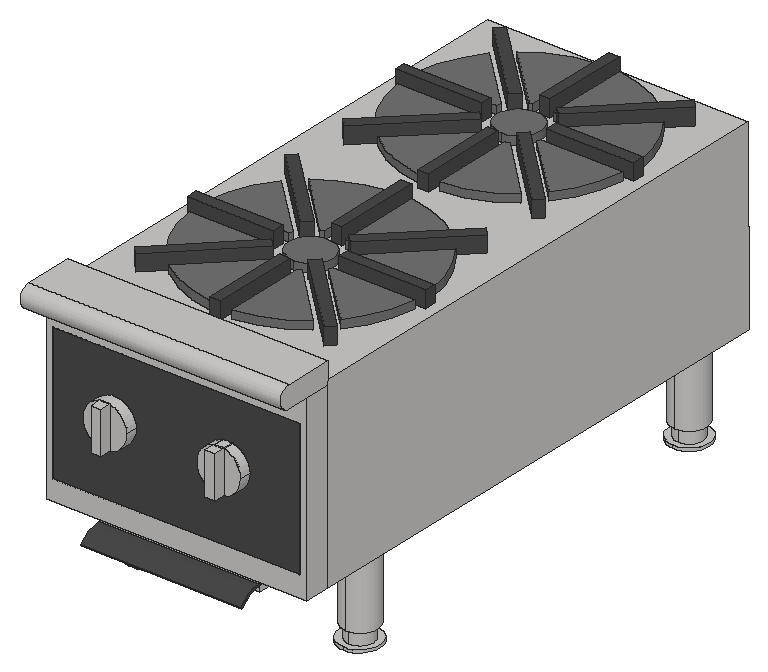
Revit family "QF_Vollrath_40736", category Specialty Equipment, Revit 2016
Family settings
  Part Type = Normal
  Round Connector Dimension = Use Diameter
  OmniClass Number = 23.40.40.14.17.14
  OmniClass Title = Hot Plates
  Work Plane-Based = No
  Always vertical = Yes
  Cut with Voids When Loaded = No
  Shared = No
  Room Calculation Point = No
Parameters (values of type "40736")
  Width = 1' - 0"
  Weight in Pounds = 96
  Watermarked By = "http://revitwatermark.com"
  URL Cutsheet = ""
  URL = ""
  Status [instance] = ""
  Specification by User [instance] = ""
  Specification by Manufacturer [instance] = ""
  Serial Number [instance] = ""
  Seismic Rating [instance] = ""
  Revision Code [instance] = ""
  NAFEM Spec ID Number [instance] = ""
  Model = "40736"
  Mechanical Remarks [instance] = ""
  Mechanical Connection Type [instance] = ""
  Masterspec [instance] = ""
  Manufacturer = "Vollrath"
  Length = 2' - 3"
  Item Number [instance] = "-"
  Installed By [instance] = ""
  Height AFF [instance] = 3' - 0"
  Gas Size = 3/4"
  Gas RI Height [instance] = 0' - 0"
  Gas Input = 52000.0 Btu/h
  Gas Connection Height [instance] = Height AFF + 0' 5 3/8"  # 3' - 5 3/8"
  Furnished By [instance] = ""
  Foodservice Equipment Identifier [instance] = yes
  Description = "Gas Hot Plate"
  CSI MasterFormat = "11 44 00"
  Assembly Code = "E1090320"
Reference planes (in)
  plane 1: z = 0
  plane 2 "BOTTOM": z = 36
  plane 3 "TOP": z = 49.375
  plane 4 "LEFT CLEARANCE": x = -30.72076
  plane 5 "RIGHT CLEARANCE": x = -6.72076
  plane 6 "BACK CLEARANCE": y = 6
  plane 7 "FRONT": y = -27
  plane 8 "Top of Legs": z = 40
  plane 9 "LEFT": x = -24.72076
  plane 10 "RIGHT": x = -12.72076
  plane 11 "BACK": y = 0
  plane 12: x = -22.40972
  plane 13: x = -18.72076
  plane 14: x = -15.03179
  plane 15: x = -13.21833
  plane 16: x = -24.21833
  plane 17: y = -12.23672
  plane 18: y = -23.23672
  plane 19: through (-14.39494, -22.41367, 58.60222) normal (-0.7071, 0.7071, 0)
  plane 20: through (-23.04173, -22.41367, 58.60222) normal (-0.7071, -0.7071, 0)
  plane 21: through (-23.04173, -13.05978, 58.60222) normal (0.7071, -0.7071, 0)
  plane 22: through (-14.39494, -13.05978, 58.60222) normal (0.7071, 0.7071, 0)
  plane 23: x = -13.21833
  plane 24: x = -24.21833
  plane 25: y = -0.23672
  plane 26: y = -11.23672
  plane 27: through (-14.39494, -10.41367, 59) normal (-0.7071, 0.7071, 0)
  plane 28: through (-23.04173, -10.41367, 59) normal (-0.7071, -0.7071, 0)
  plane 29: through (-23.04173, -1.05978, 59) normal (0.7071, -0.7071, 0)
  plane 30: through (-14.39494, -1.05978, 59) normal (0.7071, 0.7071, 0)
  plane 31: z = 48.60222
  plane 32: z = 47.97037
  plane 33: z = 48.97722
  plane 34: z = 40.93886
  plane 35: z = 47.22037
Forms (in)
  Extrusion 1, solid, material "QF_Finishes_Stainless Steel"
    sketch origin (0, 0, 36) x (0, 1, 0) y (-1, 0, 0)
      loop
        circle (-2, 23.59576) r 0.9375
    from 0 to 0.125
  Extrusion 2, solid, material "QF_Finishes_Stainless Steel"
    sketch origin (0, 0, 36) x (0, 1, 0) y (-1, 0, 0)
      loop
        circle (-2, 23.59576) r 0.625
    from 0.125 to 0.75
  Extrusion 3, solid, material "QF_Finishes_Stainless Steel"
    sketch origin (0, 0, 36) x (0, 1, 0) y (-1, 0, 0)
      loop
        circle (-2, 23.59576) r 0.8125
    from 0.75 to 4
  Extrusion 4, solid, material "QF_Finishes_Stainless Steel"
    sketch origin (21.375, 0, 36) x (0, 1, 0) y (-1, 0, 0)
      loop
        circle (-2, 35.22076) r 0.9375
    from 0 to 0.125
  Extrusion 5, solid, material "QF_Finishes_Stainless Steel"
    sketch origin (21.375, 0, 36) x (0, 1, 0) y (-1, 0, 0)
      loop
        circle (-2, 35.22076) r 0.625
    from 0.125 to 0.75
  Extrusion 6, solid, material "QF_Finishes_Stainless Steel"
    sketch origin (21.375, 0, 36) x (0, 1, 0) y (-1, 0, 0)
      loop
        circle (-2, 35.22076) r 0.8125
    from 0.75 to 4
  Extrusion 7, solid, material "QF_Finishes_Stainless Steel"
    sketch origin (21.375, -24, 36) x (0, 1, 0) y (-1, 0, 0)
      loop
        circle (3, 35.22076) r 0.9375
    from 0 to 0.125
  Extrusion 8, solid, material "QF_Finishes_Stainless Steel"
    sketch origin (21.375, -24, 36) x (0, 1, 0) y (-1, 0, 0)
      loop
        circle (3, 35.22076) r 0.625
    from 0.125 to 0.75
  Extrusion 9, solid, material "QF_Finishes_Stainless Steel"
    sketch origin (21.375, -24, 36) x (0, 1, 0) y (-1, 0, 0)
      loop
        circle (3, 35.22076) r 0.8125
    from 0.75 to 4
  Extrusion 10, solid, material "QF_Finishes_Stainless Steel"
    sketch origin (0, -24, 36) x (0, 1, 0) y (-1, 0, 0)
      loop
        circle (3, 23.59576) r 0.9375
    from 0 to 0.125
  Extrusion 11, solid, material "QF_Finishes_Stainless Steel"
    sketch origin (0, -24, 36) x (0, 1, 0) y (-1, 0, 0)
      loop
        circle (3, 23.59576) r 0.625
    from 0.125 to 0.75
  Extrusion 12, solid, material "QF_Finishes_Stainless Steel"
    sketch origin (0, -24, 36) x (0, 1, 0) y (-1, 0, 0)
      loop
        circle (3, 23.59576) r 0.8125
    from 0.75 to 4
  Extrusion 13, solid, material "QF_Finishes_Black"
    sketch origin (-117.18708, 53.88828, 45.85222) x (0, 1, 0) y (-1, 0, 0)
      loop
        line (-77.125, -98.71875) -> (-73.125, -98.71875) -> (-73.125, -98.21875) -> (-77.125, -98.21875) -> (-77.125, -98.71875)
      loop
        line (-66.125, -98.71875) -> (-66.125, -98.21875) -> (-70.125, -98.21875) -> (-70.125, -98.71875) -> (-66.125, -98.71875)
      loop
        line (-71.375, -92.96875) -> (-71.875, -92.96875) -> (-71.875, -96.96875) -> (-71.375, -96.96875) -> (-71.375, -92.96875)
      loop
        line (-70.44823, -97.64554) -> (-66.94805, -94.14536) -> (-67.30161, -93.7918) -> (-70.80179, -97.29198) -> (-70.44823, -97.64554)
      loop
        line (-72.80177, -97.64554) -> (-72.44821, -97.29198) -> (-75.94839, -93.7918) -> (-76.30195, -94.14536) -> (-72.80177, -97.64554)
      loop
        line (-72.80177, -99.29196) -> (-76.30195, -102.79214) -> (-75.94839, -103.1457) -> (-72.44821, -99.64552) -> (-72.80177, -99.29196)
      loop
        line (-70.44823, -99.29196) -> (-70.80179, -99.64552) -> (-67.30161, -103.1457) -> (-66.94805, -102.79214) -> (-70.44823, -99.29196)
      loop
        line (-71.375, -103.96875) -> (-71.375, -99.96875) -> (-71.875, -99.96875) -> (-71.875, -103.96875) -> (-71.375, -103.96875)
    from 2.75 to 3.52278
  Extrusion 14, solid, material "QF_Finishes_Dark Grey"
    sketch origin (-117.18708, 53.88828, 46.25) x (0, 1, 0) y (-1, 0, 0)
      loop
        circle (-71.625, -98.46875) r 1
      loop
        arc (-70.2108, -98.96875) -> (-70.23919, -99.04277) -> (-70.27146, -99.11519) r 1.49999
        line (-70.27146, -99.11519) -> (-67.60333, -101.78331)
        arc (-67.60333, -101.78331) -> (-66.81016, -100.46312) -> (-66.4375, -98.96875) r 5.21154
        line (-66.4375, -98.96875) -> (-70.2108, -98.96875)
      loop
        line (-70.2108, -97.96875) -> (-66.4375, -97.96875)
        arc (-66.4375, -97.96875) -> (-66.81016, -96.47438) -> (-67.60333, -95.15419) r 5.21154
        line (-67.60333, -95.15419) -> (-70.27146, -97.82231)
        arc (-70.27146, -97.82231) -> (-70.23919, -97.89473) -> (-70.2108, -97.96875) r 1.49999
      loop
        arc (-71.125, -97.05455) -> (-71.05098, -97.08294) -> (-70.97856, -97.11521) r 1.49999
        line (-70.97856, -97.11521) -> (-68.31044, -94.44708)
        arc (-68.31044, -94.44708) -> (-69.63063, -93.65391) -> (-71.125, -93.28125) r 5.21154
        line (-71.125, -93.28125) -> (-71.125, -97.05455)
      loop
        arc (-72.125, -93.28125) -> (-73.61937, -93.65391) -> (-74.93956, -94.44708) r 5.21154
        line (-74.93956, -94.44708) -> (-72.27144, -97.11521)
        arc (-72.27144, -97.11521) -> (-72.19902, -97.08294) -> (-72.125, -97.05455) r 1.49999
        line (-72.125, -97.05455) -> (-72.125, -93.28125)
      loop
        arc (-75.64667, -95.15419) -> (-76.43984, -96.47438) -> (-76.8125, -97.96875) r 5.21154
        line (-76.8125, -97.96875) -> (-73.0392, -97.96875)
        arc (-73.0392, -97.96875) -> (-73.01081, -97.89473) -> (-72.97854, -97.82231) r 1.49999
        line (-72.97854, -97.82231) -> (-75.64667, -95.15419)
      loop
        arc (-76.8125, -98.96875) -> (-76.43984, -100.46312) -> (-75.64667, -101.78331) r 5.21154
        line (-75.64667, -101.78331) -> (-72.97854, -99.11519)
        arc (-72.97854, -99.11519) -> (-73.01081, -99.04277) -> (-73.0392, -98.96875) r 1.49999
        line (-73.0392, -98.96875) -> (-76.8125, -98.96875)
      loop
        arc (-74.93956, -102.49042) -> (-73.61937, -103.28359) -> (-72.125, -103.65625) r 5.21154
        line (-72.125, -103.65625) -> (-72.125, -99.88295)
        arc (-72.125, -99.88295) -> (-72.19902, -99.85456) -> (-72.27144, -99.82229) r 1.49999
        line (-72.27144, -99.82229) -> (-74.93956, -102.49042)
      loop
        arc (-71.125, -103.65625) -> (-69.63063, -103.28359) -> (-68.31044, -102.49042) r 5.21154
        line (-68.31044, -102.49042) -> (-70.97856, -99.82229)
        arc (-70.97856, -99.82229) -> (-71.05098, -99.85456) -> (-71.125, -99.88295) r 1.49999
        line (-71.125, -99.88295) -> (-71.125, -103.65625)
    from 2.35222 to 2.72722
  Extrusion 15, solid, material "QF_Finishes_Black"
    sketch origin (-117.18708, 65.88828, 46.25) x (0, 1, 0) y (-1, 0, 0)
      loop
        line (-77.125, -98.71875) -> (-73.125, -98.71875) -> (-73.125, -98.21875) -> (-77.125, -98.21875) -> (-77.125, -98.71875)
      loop
        line (-66.125, -98.71875) -> (-66.125, -98.21875) -> (-70.125, -98.21875) -> (-70.125, -98.71875) -> (-66.125, -98.71875)
      loop
        line (-71.375, -92.96875) -> (-71.875, -92.96875) -> (-71.875, -96.96875) -> (-71.375, -96.96875) -> (-71.375, -92.96875)
      loop
        line (-70.44823, -97.64554) -> (-66.94805, -94.14536) -> (-67.30161, -93.7918) -> (-70.80179, -97.29198) -> (-70.44823, -97.64554)
      loop
        line (-72.80177, -97.64554) -> (-72.44821, -97.29198) -> (-75.94839, -93.7918) -> (-76.30195, -94.14536) -> (-72.80177, -97.64554)
      loop
        line (-72.80177, -99.29196) -> (-76.30195, -102.79214) -> (-75.94839, -103.1457) -> (-72.44821, -99.64552) -> (-72.80177, -99.29196)
      loop
        line (-70.44823, -99.29196) -> (-70.80179, -99.64552) -> (-67.30161, -103.1457) -> (-66.94805, -102.79214) -> (-70.44823, -99.29196)
      loop
        line (-71.375, -103.96875) -> (-71.375, -99.96875) -> (-71.875, -99.96875) -> (-71.875, -103.96875) -> (-71.375, -103.96875)
    from 2.35222 to 3.125
  Extrusion 16, solid, material "QF_Finishes_Dark Grey"
    sketch origin (-117.18708, 65.88828, 46.25) x (0, 1, 0) y (-1, 0, 0)
      loop
        circle (-71.625, -98.46875) r 1
      loop
        arc (-70.2108, -98.96875) -> (-70.23919, -99.04277) -> (-70.27146, -99.11519) r 1.49999
        line (-70.27146, -99.11519) -> (-67.60333, -101.78331)
        arc (-67.60333, -101.78331) -> (-66.81016, -100.46312) -> (-66.4375, -98.96875) r 5.21154
        line (-66.4375, -98.96875) -> (-70.2108, -98.96875)
      loop
        line (-70.2108, -97.96875) -> (-66.4375, -97.96875)
        arc (-66.4375, -97.96875) -> (-66.81016, -96.47438) -> (-67.60333, -95.15419) r 5.21154
        line (-67.60333, -95.15419) -> (-70.27146, -97.82231)
        arc (-70.27146, -97.82231) -> (-70.23919, -97.89473) -> (-70.2108, -97.96875) r 1.49999
      loop
        arc (-71.125, -97.05455) -> (-71.05098, -97.08294) -> (-70.97856, -97.11521) r 1.49999
        line (-70.97856, -97.11521) -> (-68.31044, -94.44708)
        arc (-68.31044, -94.44708) -> (-69.63063, -93.65391) -> (-71.125, -93.28125) r 5.21154
        line (-71.125, -93.28125) -> (-71.125, -97.05455)
      loop
        arc (-72.125, -93.28125) -> (-73.61937, -93.65391) -> (-74.93956, -94.44708) r 5.21154
        line (-74.93956, -94.44708) -> (-72.27144, -97.11521)
        arc (-72.27144, -97.11521) -> (-72.19902, -97.08294) -> (-72.125, -97.05455) r 1.49999
        line (-72.125, -97.05455) -> (-72.125, -93.28125)
      loop
        arc (-75.64667, -95.15419) -> (-76.43984, -96.47438) -> (-76.8125, -97.96875) r 5.21154
        line (-76.8125, -97.96875) -> (-73.0392, -97.96875)
        arc (-73.0392, -97.96875) -> (-73.01081, -97.89473) -> (-72.97854, -97.82231) r 1.49999
        line (-72.97854, -97.82231) -> (-75.64667, -95.15419)
      loop
        arc (-76.8125, -98.96875) -> (-76.43984, -100.46312) -> (-75.64667, -101.78331) r 5.21154
        line (-75.64667, -101.78331) -> (-72.97854, -99.11519)
        arc (-72.97854, -99.11519) -> (-73.01081, -99.04277) -> (-73.0392, -98.96875) r 1.49999
        line (-73.0392, -98.96875) -> (-76.8125, -98.96875)
      loop
        arc (-74.93956, -102.49042) -> (-73.61937, -103.28359) -> (-72.125, -103.65625) r 5.21154
        line (-72.125, -103.65625) -> (-72.125, -99.88295)
        arc (-72.125, -99.88295) -> (-72.19902, -99.85456) -> (-72.27144, -99.82229) r 1.49999
        line (-72.27144, -99.82229) -> (-74.93956, -102.49042)
      loop
        arc (-71.125, -103.65625) -> (-69.63063, -103.28359) -> (-68.31044, -102.49042) r 5.21154
        line (-68.31044, -102.49042) -> (-70.97856, -99.82229)
        arc (-70.97856, -99.82229) -> (-71.05098, -99.85456) -> (-71.125, -99.88295) r 1.49999
        line (-71.125, -99.88295) -> (-71.125, -103.65625)
    from 2.72722 to 2.35222
  Extrusion 17, solid, material "QF_Finishes_Clearances", detail levels coarse
    sketch origin (0, 0, 36) x (0, 1, 0) y (-1, 0, 0)
      loop
        line (6, 30.72076) -> (-27, 30.72076) -> (-27, 24.72076) -> (6, 24.72076) -> (6, 30.72076)
    from 0 to 13.375
  Extrusion 18, solid, material "QF_Finishes_Clearances", detail levels coarse
    sketch origin (0, 0, 36) x (0, 1, 0) y (-1, 0, 0)
      loop
        line (6, 12.72076) -> (-27, 12.72076) -> (-27, 6.72076) -> (6, 6.72076) -> (6, 12.72076)
    from 0 to 13.375
  Extrusion 19, solid, material "QF_Finishes_Clearances", detail levels coarse
    sketch origin (0, 0, 36) x (0, 1, 0) y (-1, 0, 0)
      loop
        line (6, 24.72076) -> (0, 24.72076) -> (0, 12.72076) -> (6, 12.72076) -> (6, 24.72076)
    from 0 to 13.375
  Extrusion 20, solid, material "QF_Finishes_Stainless Steel"
    sketch origin (0, 0, 0) x (1, 0, 0) y (0, 0, 1)
      loop
        circle (-15.03179, 41.5) r 0.375
    from -0.37026 to 0
  Extrusion 21, solid, material "QF_Finishes_Stainless Steel"
    sketch origin (-24.72076, 0, 0) x (0, 1, 0) y (0, 0, 1)
      loop
        line (0, 48.60222) -> (-24.25, 48.60222) -> (-24.25, 40) -> (0, 40) -> (0, 48.60222)
    from 0 to 12
  Extrusion 22, solid, material "QF_Finishes_Stainless Steel"
    sketch origin (-24.72076, 0, 0.11708) x (0, 1, 0) y (0, 0, 1)
      loop
        line (-24.25, 48.24472) -> (-24.25, 49.24469) -> (-26.47435, 49.24469)
        arc (-26.47435, 49.24469) -> (-26.99205, 48.75368) -> (-26.49199, 48.24472) r 0.50014
        line (-26.49199, 48.24472) -> (-24.25, 48.24472)
    from 0 to 12
  Extrusion 23, solid, material "QF_Finishes_Black"
    sketch origin (0, 0, 0) x (1, 0, 0) y (0, 0, 1)
      loop
        line (-24.40582, 40.93886) -> (-13.04501, 40.93886) -> (-13.04501, 47.22037) -> (-24.40582, 47.22037) -> (-24.40582, 40.93886)
      loop
        circle (-21.59244, 44.33701) r 1
      loop
        circle (-16.34244, 44.33701) r 1
    from 24.25 to 25.48672
  Extrusion 24, solid, material "QF_Finishes_Stainless Steel"
    sketch origin (0, 0, 0) x (1, 0, 0) y (0, 0, 1)
      loop
        line (-24.72076, 48.36181) -> (-24.72076, 40) -> (-12.72076, 40) -> (-12.72076, 48.36181) -> (-24.72076, 48.36181)
      loop
        line (-24.40582, 47.22037) -> (-24.40582, 40.93886) -> (-13.04501, 40.93886) -> (-13.04501, 47.22037) -> (-24.40582, 47.22037)
    from 24.25 to 25.48672
  Extrusion 25, solid, material "QF_Finishes_Stainless Steel"
    sketch origin (0, 0, 0) x (1, 0, 0) y (0, 0, 1)
      loop
        circle (-21.59244, 44.33701) r 1
      loop
        circle (-16.34244, 44.33701) r 1
    from 25.48672 to 26
  Extrusion 26, solid, material "QF_Finishes_Stainless Steel"
    sketch origin (0, 0, 0) x (1, 0, 0) y (0, 0, 1)
      loop
        line (-21.83599, 45.3069) -> (-21.83599, 43.35903) -> (-21.38371, 43.35903) -> (-21.38371, 45.3069) -> (-21.83599, 45.3069)
    from 26 to 26.5
  Extrusion 27, solid, material "QF_Finishes_Stainless Steel"
    sketch origin (5.25, 0, 0) x (1, 0, 0) y (0, 0, 1)
      loop
        line (-21.83599, 45.3069) -> (-21.83599, 43.35903) -> (-21.38371, 43.35903) -> (-21.38371, 45.3069) -> (-21.83599, 45.3069)
    from 25.48672 to 26.5
  Extrusion 28, solid, material "QF_Finishes_Stainless Steel"
    sketch origin (0, -0.26081, -5.02102) x (1, 0, 0) y (0, 0, 1)
      loop
        line (-22.40972, 45) -> (-22.40972, 44.75) -> (-15.03179, 44.75) -> (-15.03179, 45) -> (-22.40972, 45)
    from 0 to 25.04599
  Extrusion 29, solid, material "QF_Finishes_Stainless Steel"
    sketch origin (0, -0.26081, -5.02102) x (1, 0, 0) y (0, 0, 1)
      loop
        line (-22.40972, 44.75) -> (-22.40972, 44.5) -> (-15.03179, 44.5) -> (-15.03179, 44.75) -> (-22.40972, 44.75)
    from 0 to 25.04599
  Extrusion 30, solid, material "QF_Finishes_Black"
    sketch origin (-24.72076, -0.26081, -5.02102) x (0, 1, 0) y (0, 0, 1)
      loop
        line (-25.04599, 44.75) -> (-25.04599, 44.81748)
        arc (-25.04599, 44.81748) -> (-25.64263, 44.6735) -> (-26.1385, 44.31181) r 1.57025
        line (-26.1385, 44.31181) -> (-26.07487, 44.24818)
        arc (-26.07487, 44.24818) -> (-25.60779, 44.59619) -> (-25.04599, 44.75) r 1.57025
    from 2.31103 to 9.68897
Lines and regions (in)
  symbolic lines, style "QF_Clearances", detail levels coarse
    curve 1: line (-30.72076, -27, 36) -> (-30.72076, 6, 36)
    curve 2: line (-30.72076, 6, 36) -> (-24.72076, 6, 36)
    curve 3: line (-24.72076, 6, 36) -> (-12.72076, 6, 36)
    curve 4: line (-12.72076, 6, 36) -> (-6.72076, 6, 36)
    curve 5: line (-6.72076, 6, 36) -> (-6.72076, -27, 36)
  symbolic lines
    curve 6: line (-12.72076, -27, 36) -> (-24.72076, -27, 36)
    curve 7: line (-24.72076, -27, 36) -> (-24.72076, -25.04599, 36)
    curve 8: line (-24.72076, -25.04599, 36) -> (-12.72076, -25.04599, 36)
    curve 9: line (-12.72076, -25.04599, 36) -> (-12.72076, -27, 36)
    curve 10: line (-12.72076, -25.04599, 36) -> (-12.72076, 0, 36)
    curve 11: line (-12.72076, 0, 36) -> (-24.72076, 0, 36)
    curve 12: line (-24.72076, 0, 36) -> (-24.72076, -25.04599, 36)
    curve 13: line (-18.21833, -0.54922, 36) -> (-18.21833, -4.32252, 36)
    curve 14: line (-18.46833, -4.23672, 36) -> (-18.46833, -0.23672, 36)
    curve 15: arc (-15.40377, -1.71505, 36) -> (-16.72396, -0.92189, 36) -> (-18.21833, -0.54922, 36) r 5.21154
    curve 16: line (-18.46833, -0.23672, 36) -> (-18.96833, -0.23672, 36)
    curve 17: line (-18.96833, -0.23672, 36) -> (-18.96833, -4.23672, 36)
    curve 18: line (-19.21833, -4.32252, 36) -> (-19.21833, -0.54922, 36)
    curve 19: arc (-19.21833, -0.54922, 36) -> (-20.71271, -0.92189, 36) -> (-22.0329, -1.71505, 36) r 5.21154
    curve 20: line (-22.0329, -1.71505, 36) -> (-19.36477, -4.38318, 36)
    curve 21: line (-19.54155, -4.55996, 36) -> (-23.04173, -1.05978, 36)
    curve 22: line (-23.04173, -1.05978, 36) -> (-23.39528, -1.41333, 36)
    curve 23: line (-23.39528, -1.41333, 36) -> (-19.8951, -4.91351, 36)
    curve 24: line (-20.07188, -5.09029, 36) -> (-22.74, -2.42216, 36)
    curve 25: line (-18.0719, -4.38318, 36) -> (-15.40377, -1.71505, 36)
    curve 26: line (-18.96833, -4.23672, 36) -> (-18.46833, -4.23672, 36)
    curve 27: arc (-19.36477, -4.38318, 36) -> (-19.29236, -4.35092, 36) -> (-19.21833, -4.32252, 36) r 1.49999
    curve 28: line (-19.8951, -4.91351, 36) -> (-19.54155, -4.55996, 36)
    curve 29: line (-23.90583, -5.23672, 36) -> (-20.13253, -5.23672, 36)
    curve 30: arc (-22.74, -2.42216, 36) -> (-23.53317, -3.74235, 36) -> (-23.90583, -5.23672, 36) r 5.21154
    curve 31: arc (-20.13253, -5.23672, 36) -> (-20.10414, -5.1627, 36) -> (-20.07188, -5.09029, 36) r 1.49999
    curve 32: arc (-18.21833, -4.32252, 36) -> (-18.14431, -4.35092, 36) -> (-18.0719, -4.38318, 36) r 1.49999
    curve 33: line (-17.89512, -4.55996, 36) -> (-17.54157, -4.91351, 36)
    curve 34: line (-14.39494, -1.05978, 36) -> (-17.89512, -4.55996, 36)
    curve 35: line (-17.54157, -4.91351, 36) -> (-14.04139, -1.41333, 36)
    curve 36: line (-14.69666, -2.42216, 36) -> (-17.36479, -5.09029, 36)
    curve 37: arc (-13.53083, -5.23672, 36) -> (-13.9035, -3.74235, 36) -> (-14.69666, -2.42216, 36) r 5.21154
    curve 38: line (-14.04139, -1.41333, 36) -> (-14.39494, -1.05978, 36)
    curve 39: line (-24.21833, -5.48672, 36) -> (-24.21833, -5.98672, 36)
    curve 40: line (-20.21833, -5.48672, 36) -> (-24.21833, -5.48672, 36)
    curve 41: line (-24.21833, -5.98672, 36) -> (-20.21833, -5.98672, 36)
    curve 42: line (-20.21833, -5.98672, 36) -> (-20.21833, -5.48672, 36)
    curve 43: arc (-18.71833, -4.73672, 36) -> (-19.71833, -5.73672, 36) -> (-18.71833, -6.73672, 36) r 1
    curve 44: arc (-18.71833, -6.73672, 36) -> (-17.71833, -5.73672, 36) -> (-18.71833, -4.73672, 36) r 1
    curve 45: line (-17.30413, -5.23672, 36) -> (-13.53083, -5.23672, 36)
    curve 46: line (-13.21833, -5.48672, 36) -> (-17.21833, -5.48672, 36)
    curve 47: line (-17.21833, -5.98672, 36) -> (-13.21833, -5.98672, 36)
    curve 48: line (-13.53083, -6.23672, 36) -> (-17.30413, -6.23672, 36)
    curve 49: line (-17.36479, -6.38316, 36) -> (-14.69666, -9.05129, 36)
    curve 50: line (-14.04139, -10.06012, 36) -> (-17.54157, -6.55994, 36)
    curve 51: line (-17.89512, -6.91349, 36) -> (-14.39494, -10.41367, 36)
    curve 52: line (-15.40377, -9.75839, 36) -> (-18.0719, -7.09027, 36)
    curve 53: line (-18.21833, -7.15092, 36) -> (-18.21833, -10.92422, 36)
    curve 54: line (-18.46833, -11.23672, 36) -> (-18.46833, -7.23672, 36)
    curve 55: line (-18.96833, -7.23672, 36) -> (-18.96833, -11.23672, 36)
    curve 56: line (-19.21833, -10.92422, 36) -> (-19.21833, -7.15092, 36)
    curve 57: line (-19.36477, -7.09027, 36) -> (-22.0329, -9.75839, 36)
    curve 58: line (-23.04173, -10.41367, 36) -> (-19.54155, -6.91349, 36)
    curve 59: line (-19.8951, -6.55994, 36) -> (-23.39528, -10.06012, 36)
    curve 60: line (-22.74, -9.05129, 36) -> (-20.07188, -6.38316, 36)
    curve 61: line (-20.13253, -6.23672, 36) -> (-23.90583, -6.23672, 36)
    curve 62: arc (-23.90583, -6.23672, 36) -> (-23.53317, -7.73109, 36) -> (-22.74, -9.05129, 36) r 5.21154
    curve 63: line (-23.39528, -10.06012, 36) -> (-23.04173, -10.41367, 36)
    curve 64: line (-19.54155, -6.91349, 36) -> (-19.8951, -6.55994, 36)
    curve 65: arc (-22.0329, -9.75839, 36) -> (-20.71271, -10.55156, 36) -> (-19.21833, -10.92422, 36) r 5.21154
    curve 66: line (-18.46833, -7.23672, 36) -> (-18.96833, -7.23672, 36)
    curve 67: line (-18.96833, -11.23672, 36) -> (-18.46833, -11.23672, 36)
    curve 68: arc (-18.21833, -10.92422, 36) -> (-16.72396, -10.55156, 36) -> (-15.40377, -9.75839, 36) r 5.21154
    curve 69: line (-17.54157, -6.55994, 36) -> (-17.89512, -6.91349, 36)
    curve 70: arc (-18.0719, -7.09027, 36) -> (-18.14431, -7.12253, 36) -> (-18.21833, -7.15092, 36) r 1.49999
    curve 71: arc (-17.30413, -6.23672, 36) -> (-17.33253, -6.31074, 36) -> (-17.36479, -6.38316, 36) r 1.49999
    curve 72: line (-14.39494, -10.41367, 36) -> (-14.04139, -10.06012, 36)
    curve 73: arc (-14.69666, -9.05129, 36) -> (-13.9035, -7.73109, 36) -> (-13.53083, -6.23672, 36) r 5.21154
    curve 74: line (-13.21833, -5.98672, 36) -> (-13.21833, -5.48672, 36)
    curve 75: line (-17.21833, -5.48672, 36) -> (-17.21833, -5.98672, 36)
    curve 76: arc (-19.21833, -7.15092, 36) -> (-19.29236, -7.12253, 36) -> (-19.36477, -7.09027, 36) r 1.49999
    curve 77: line (-18.21833, -12.54922, 36) -> (-18.21833, -16.32252, 36)
    curve 78: line (-18.46833, -16.23672, 36) -> (-18.46833, -12.23672, 36)
    curve 79: arc (-15.40377, -13.71505, 36) -> (-16.72396, -12.92189, 36) -> (-18.21833, -12.54922, 36) r 5.21154
    curve 80: line (-18.46833, -12.23672, 36) -> (-18.96833, -12.23672, 36)
    curve 81: line (-18.96833, -12.23672, 36) -> (-18.96833, -16.23672, 36)
    curve 82: line (-19.21833, -16.32252, 36) -> (-19.21833, -12.54922, 36)
    curve 83: arc (-19.21833, -12.54922, 36) -> (-20.71271, -12.92189, 36) -> (-22.0329, -13.71505, 36) r 5.21154
    curve 84: line (-22.0329, -13.71505, 36) -> (-19.36477, -16.38318, 36)
    curve 85: line (-19.54155, -16.55996, 36) -> (-23.04173, -13.05978, 36)
    curve 86: line (-23.39528, -13.41333, 36) -> (-19.8951, -16.91351, 36)
    curve 87: line (-20.07188, -17.09029, 36) -> (-22.74, -14.42216, 36)
    curve 88: line (-18.0719, -16.38318, 36) -> (-15.40377, -13.71505, 36)
    curve 89: line (-18.96833, -16.23672, 36) -> (-18.46833, -16.23672, 36)
    curve 90: arc (-19.36477, -16.38318, 36) -> (-19.29236, -16.35092, 36) -> (-19.21833, -16.32252, 36) r 1.49999
    curve 91: line (-19.8951, -16.91351, 36) -> (-19.54155, -16.55996, 36)
    curve 92: line (-23.90583, -17.23672, 36) -> (-20.13253, -17.23672, 36)
    curve 93: arc (-22.74, -14.42216, 36) -> (-23.53317, -15.74235, 36) -> (-23.90583, -17.23672, 36) r 5.21154
    curve 94: arc (-20.13253, -17.23672, 36) -> (-20.10414, -17.1627, 36) -> (-20.07188, -17.09029, 36) r 1.49999
    curve 95: arc (-18.21833, -16.32252, 36) -> (-18.14431, -16.35092, 36) -> (-18.0719, -16.38318, 36) r 1.49999
    curve 96: line (-17.89512, -16.55996, 36) -> (-17.54157, -16.91351, 36)
    curve 97: line (-14.39494, -13.05978, 36) -> (-17.89512, -16.55996, 36)
    curve 98: line (-17.54157, -16.91351, 36) -> (-14.04139, -13.41333, 36)
    curve 99: line (-14.69666, -14.42216, 36) -> (-17.36479, -17.09029, 36)
    curve 100: arc (-13.53083, -17.23672, 36) -> (-13.9035, -15.74235, 36) -> (-14.69666, -14.42216, 36) r 5.21154
    curve 101: line (-24.21833, -17.48672, 36) -> (-24.21833, -17.98672, 36)
    curve 102: line (-20.21833, -17.48672, 36) -> (-24.21833, -17.48672, 36)
    curve 103: line (-24.21833, -17.98672, 36) -> (-20.21833, -17.98672, 36)
    curve 104: line (-20.21833, -17.98672, 36) -> (-20.21833, -17.48672, 36)
    curve 105: arc (-18.71833, -16.73672, 36) -> (-19.71833, -17.73672, 36) -> (-18.71833, -18.73672, 36) r 1
    curve 106: arc (-18.71833, -18.73672, 36) -> (-17.71833, -17.73672, 36) -> (-18.71833, -16.73672, 36) r 1
    curve 107: line (-17.30413, -17.23672, 36) -> (-13.53083, -17.23672, 36)
    curve 108: line (-13.21833, -17.48672, 36) -> (-17.21833, -17.48672, 36)
    curve 109: line (-17.21833, -17.98672, 36) -> (-13.21833, -17.98672, 36)
    curve 110: line (-13.53083, -18.23672, 36) -> (-17.30413, -18.23672, 36)
    curve 111: line (-17.36479, -18.38316, 36) -> (-14.69666, -21.05129, 36)
    curve 112: line (-14.04139, -22.06012, 36) -> (-17.54157, -18.55994, 36)
    curve 113: line (-17.89512, -18.91349, 36) -> (-14.39494, -22.41367, 36)
    curve 114: line (-15.40377, -21.75839, 36) -> (-18.0719, -19.09027, 36)
    curve 115: line (-18.21833, -19.15092, 36) -> (-18.21833, -22.92422, 36)
    curve 116: line (-18.46833, -23.23672, 36) -> (-18.46833, -19.23672, 36)
    curve 117: line (-18.96833, -19.23672, 36) -> (-18.96833, -23.23672, 36)
    curve 118: line (-19.21833, -22.92422, 36) -> (-19.21833, -19.15092, 36)
    curve 119: line (-19.36477, -19.09027, 36) -> (-22.0329, -21.75839, 36)
    curve 120: line (-23.04173, -22.41367, 36) -> (-19.54155, -18.91349, 36)
    curve 121: line (-19.8951, -18.55994, 36) -> (-23.39528, -22.06012, 36)
    curve 122: line (-22.74, -21.05129, 36) -> (-20.07188, -18.38316, 36)
    curve 123: line (-20.13253, -18.23672, 36) -> (-23.90583, -18.23672, 36)
    curve 124: arc (-23.90583, -18.23672, 36) -> (-23.53317, -19.73109, 36) -> (-22.74, -21.05129, 36) r 5.21154
    curve 125: line (-23.39528, -22.06012, 36) -> (-23.04173, -22.41367, 36)
    curve 126: line (-19.54155, -18.91349, 36) -> (-19.8951, -18.55994, 36)
    curve 127: arc (-22.0329, -21.75839, 36) -> (-20.71271, -22.55156, 36) -> (-19.21833, -22.92422, 36) r 5.21154
    curve 128: line (-18.46833, -19.23672, 36) -> (-18.96833, -19.23672, 36)
    curve 129: line (-18.96833, -23.23672, 36) -> (-18.46833, -23.23672, 36)
    curve 130: arc (-18.21833, -22.92422, 36) -> (-16.72396, -22.55156, 36) -> (-15.40377, -21.75839, 36) r 5.21154
    curve 131: line (-17.54157, -18.55994, 36) -> (-17.89512, -18.91349, 36)
    curve 132: arc (-18.0719, -19.09027, 36) -> (-18.14431, -19.12253, 36) -> (-18.21833, -19.15092, 36) r 1.49999
    curve 133: arc (-17.30413, -18.23672, 36) -> (-17.33253, -18.31074, 36) -> (-17.36479, -18.38316, 36) r 1.49999
    curve 134: line (-14.39494, -22.41367, 36) -> (-14.04139, -22.06012, 36)
    curve 135: arc (-14.69666, -21.05129, 36) -> (-13.9035, -19.73109, 36) -> (-13.53083, -18.23672, 36) r 5.21154
    curve 136: line (-13.21833, -17.98672, 36) -> (-13.21833, -17.48672, 36)
    curve 137: line (-17.21833, -17.48672, 36) -> (-17.21833, -17.98672, 36)
    curve 138: arc (-19.21833, -19.15092, 36) -> (-19.29236, -19.12253, 36) -> (-19.36477, -19.09027, 36) r 1.49999
    curve 139: line (-23.04173, -13.05978, 36) -> (-23.39528, -13.41333, 36)
    curve 140: line (-14.04139, -13.41333, 36) -> (-14.39494, -13.05978, 36)
Dimensions and locks (in)
  "Height AFF": plane 2 "BOTTOM" to level
  locked: plane 8 "Top of Legs" to plane 2 "BOTTOM" at 4
  plane 4 "LEFT CLEARANCE" to plane 9 "LEFT" = 0' - 6"
  locked: plane 10 "RIGHT" to plane 5 "RIGHT CLEARANCE" at 6
  plane 6 "BACK CLEARANCE" to plane 11 "BACK" = 0' - 6"
  "Length": plane 11 "BACK" to plane 7 "FRONT"
  "Width": plane 9 "LEFT" to plane 10 "RIGHT"
  locked: Extrusion 20 sketch curve to plane 8 "Top of Legs" at 1.5
  locked: plane 3 "TOP" to plane 33 at 0.39778
  locked: plane 31 to plane 33 at 0.375
  locked: plane 31 to plane 32 at 0.63186
  locked: plane 32 to plane 8 "Top of Legs" at 7.97037
  locked: plane 32 to plane 35 at 0.75
  locked: plane 34 to plane 8 "Top of Legs" at 0.93886
  Extrusion 25 sketch curve to Extrusion 17 = 0' - 8.33701"
  plane 11 "BACK" to Extrusion 21 = 2' - 0 1/4"
  aligned and locked: level to plane 1
  aligned: plane 3 "TOP" to Extrusion 17
  aligned and locked: plane 3 "TOP" to Extrusion 18
  aligned and locked: plane 3 "TOP" to Extrusion 19
  aligned and locked: plane 3 "TOP" to Extrusion 13
  aligned: Extrusion 16 to Extrusion 14
  aligned and locked: plane 3 "TOP" to Extrusion 15
  aligned: Extrusion 16 to plane 33
  aligned: plane 33 to Extrusion 15
  aligned: plane 3 "TOP" to Extrusion 16  (x2)
  aligned: plane 3 "TOP" to Extrusion 14  (x2)
  aligned: plane 33 to Extrusion 13
  aligned and locked: Extrusion 21 to Extrusion 3
  aligned: Extrusion 21 to Extrusion 13
  aligned and locked: Extrusion 23 to plane 34
  aligned and locked: Extrusion 24 sketch curve to Extrusion 23  (x2)
  aligned and locked: Extrusion 24 to Extrusion 22
  aligned and locked: Extrusion 24 to Extrusion 3
  aligned and locked: Extrusion 25 sketch curve to Extrusion 23  (x4)
  aligned and locked: plane 31 to Extrusion 21
  aligned and locked: Extrusion 16 to plane 31
  aligned: Extrusion 16 to Extrusion 15
  aligned and locked: Extrusion 15 to plane 31
  aligned and locked: Extrusion 15 to Extrusion 14
  aligned: Extrusion 14 to Extrusion 13
  aligned and locked: Extrusion 15 to Extrusion 13
  aligned and locked: Extrusion 14 to plane 33
  aligned and locked: Extrusion 16 to Extrusion 14
Automatic sketch dimensions
  Extrusion 1 sketch curve to plane 11 "BACK" = 0' - 2"
  plane 9 "LEFT" to Extrusion 1 sketch curve = 0' - 1 1/8"
  Extrusion 2 sketch curve to plane 11 "BACK" = 0' - 2"
  plane 9 "LEFT" to Extrusion 2 sketch curve = 0' - 1 1/8"
  Extrusion 3 sketch curve to plane 11 "BACK" = 0' - 2"
  plane 9 "LEFT" to Extrusion 3 sketch curve = 0' - 1 1/8"
  Extrusion 4 sketch curve to plane 11 "BACK" = 0' - 2"
  plane 10 "RIGHT" to Extrusion 4 sketch curve = 0' - 1 1/8"
  Extrusion 5 sketch curve to plane 11 "BACK" = 0' - 2"
  plane 10 "RIGHT" to Extrusion 5 sketch curve = 0' - 1 1/8"
  Extrusion 6 sketch curve to plane 11 "BACK" = 0' - 2"
  plane 10 "RIGHT" to Extrusion 6 sketch curve = 0' - 1 1/8"
  plane 10 "RIGHT" to Extrusion 7 sketch curve = 0' - 1 1/8"
  plane 7 "FRONT" to Extrusion 7 sketch curve = 0' - 6"
  plane 10 "RIGHT" to Extrusion 8 sketch curve = 0' - 1 1/8"
  plane 7 "FRONT" to Extrusion 8 sketch curve = 0' - 6"
  plane 10 "RIGHT" to Extrusion 9 sketch curve = 0' - 1 1/8"
  plane 7 "FRONT" to Extrusion 9 sketch curve = 0' - 6"
  plane 9 "LEFT" to Extrusion 10 sketch curve = 0' - 1 1/8"
  plane 7 "FRONT" to Extrusion 10 sketch curve = 0' - 6"
  plane 9 "LEFT" to Extrusion 11 sketch curve = 0' - 1 1/8"
  plane 7 "FRONT" to Extrusion 11 sketch curve = 0' - 6"
  plane 9 "LEFT" to Extrusion 12 sketch curve = 0' - 1 1/8"
  plane 7 "FRONT" to Extrusion 12 sketch curve = 0' - 6"
  curve 15 to curve 19 = 0' - 0"  (x2)
  curve 15 to curve 27 = 0' - 0"  (x2)
  curve 15 to curve 30 = 0' - 0"  (x2)
  curve 15 to curve 31 = 0' - 0"  (x2)
  curve 15 to curve 32 = 0' - 0"  (x2)
  curve 15 to curve 37 = 0' - 0"  (x2)
  curve 15 to curve 43 = 0' - 0"  (x2)
  curve 15 to curve 44 = 0' - 0"  (x2)
  curve 15 to curve 62 = 0' - 0"  (x2)
  curve 15 to curve 65 = 0' - 0"  (x2)
  curve 15 to curve 68 = 0' - 0"  (x2)
  curve 15 to curve 70 = 0' - 0"  (x2)
  curve 15 to curve 71 = 0' - 0"  (x2)
  curve 15 to curve 73 = 0' - 0"  (x2)
  curve 15 to curve 76 = 0' - 0"  (x2)
  curve 19 to curve 27 = 0' - 0"  (x2)
  curve 19 to curve 30 = 0' - 0"  (x2)
  curve 19 to curve 31 = 0' - 0"  (x2)
  curve 19 to curve 32 = 0' - 0"  (x2)
  curve 19 to curve 37 = 0' - 0"  (x2)
  curve 19 to curve 43 = 0' - 0"  (x2)
  curve 19 to curve 44 = 0' - 0"  (x2)
  curve 19 to curve 62 = 0' - 0"  (x2)
  curve 19 to curve 65 = 0' - 0"  (x2)
  curve 19 to curve 68 = 0' - 0"  (x2)
  curve 19 to curve 70 = 0' - 0"  (x2)
  curve 19 to curve 71 = 0' - 0"  (x2)
  curve 19 to curve 73 = 0' - 0"  (x2)
  curve 19 to curve 76 = 0' - 0"  (x2)
  curve 27 to curve 30 = 0' - 0"  (x2)
  curve 27 to curve 31 = 0' - 0"  (x2)
  curve 27 to curve 32 = 0' - 0"  (x2)
  curve 27 to curve 37 = 0' - 0"  (x2)
  curve 27 to curve 43 = 0' - 0"  (x2)
  curve 27 to curve 44 = 0' - 0"  (x2)
  curve 27 to curve 62 = 0' - 0"  (x2)
  curve 27 to curve 65 = 0' - 0"  (x2)
  curve 27 to curve 68 = 0' - 0"  (x2)
  curve 27 to curve 70 = 0' - 0"  (x2)
  curve 27 to curve 71 = 0' - 0"  (x2)
  curve 27 to curve 73 = 0' - 0"  (x2)
  curve 27 to curve 76 = 0' - 0"  (x2)
  curve 30 to curve 31 = 0' - 0"  (x2)
  curve 30 to curve 32 = 0' - 0"  (x2)
  curve 30 to curve 37 = 0' - 0"  (x2)
  curve 30 to curve 43 = 0' - 0"  (x2)
  curve 30 to curve 44 = 0' - 0"  (x2)
  curve 30 to curve 62 = 0' - 0"  (x2)
  curve 30 to curve 65 = 0' - 0"  (x2)
  curve 30 to curve 68 = 0' - 0"  (x2)
  curve 30 to curve 70 = 0' - 0"  (x2)
  curve 30 to curve 71 = 0' - 0"  (x2)
  curve 30 to curve 73 = 0' - 0"  (x2)
  curve 30 to curve 76 = 0' - 0"  (x2)
  curve 31 to curve 32 = 0' - 0"  (x2)
  curve 31 to curve 37 = 0' - 0"  (x2)
  curve 31 to curve 43 = 0' - 0"  (x2)
  curve 31 to curve 44 = 0' - 0"  (x2)
  curve 31 to curve 62 = 0' - 0"  (x2)
  curve 31 to curve 65 = 0' - 0"  (x2)
  curve 31 to curve 68 = 0' - 0"  (x2)
  curve 31 to curve 70 = 0' - 0"  (x2)
  curve 31 to curve 71 = 0' - 0"  (x2)
  curve 31 to curve 73 = 0' - 0"  (x2)
  curve 31 to curve 76 = 0' - 0"  (x2)
  curve 32 to curve 37 = 0' - 0"  (x2)
  curve 32 to curve 43 = 0' - 0"  (x2)
  curve 32 to curve 44 = 0' - 0"  (x2)
  curve 32 to curve 62 = 0' - 0"  (x2)
  curve 32 to curve 65 = 0' - 0"  (x2)
  curve 32 to curve 68 = 0' - 0"  (x2)
  curve 32 to curve 70 = 0' - 0"  (x2)
  curve 32 to curve 71 = 0' - 0"  (x2)
  curve 32 to curve 73 = 0' - 0"  (x2)
  curve 32 to curve 76 = 0' - 0"  (x2)
  curve 37 to curve 43 = 0' - 0"  (x2)
  curve 37 to curve 44 = 0' - 0"  (x2)
  curve 37 to curve 62 = 0' - 0"  (x2)
  curve 37 to curve 65 = 0' - 0"  (x2)
  curve 37 to curve 68 = 0' - 0"  (x2)
  curve 37 to curve 70 = 0' - 0"  (x2)
  curve 37 to curve 71 = 0' - 0"  (x2)
  curve 37 to curve 73 = 0' - 0"  (x2)
  curve 37 to curve 76 = 0' - 0"  (x2)
  curve 43 to curve 44 = 0' - 0"  (x2)
  curve 43 to curve 62 = 0' - 0"  (x2)
  curve 43 to curve 65 = 0' - 0"  (x2)
  curve 43 to curve 68 = 0' - 0"  (x2)
  curve 43 to curve 70 = 0' - 0"  (x2)
  curve 43 to curve 71 = 0' - 0"  (x2)
  curve 43 to curve 73 = 0' - 0"  (x2)
  curve 43 to curve 76 = 0' - 0"  (x2)
  curve 44 to curve 62 = 0' - 0"  (x2)
  curve 44 to curve 65 = 0' - 0"  (x2)
  curve 44 to curve 68 = 0' - 0"  (x2)
  curve 44 to curve 70 = 0' - 0"  (x2)
  curve 44 to curve 71 = 0' - 0"  (x2)
  curve 44 to curve 73 = 0' - 0"  (x2)
  curve 44 to curve 76 = 0' - 0"  (x2)
  curve 62 to curve 65 = 0' - 0"  (x2)
  curve 62 to curve 68 = 0' - 0"  (x2)
  curve 62 to curve 70 = 0' - 0"  (x2)
  curve 62 to curve 71 = 0' - 0"  (x2)
  curve 62 to curve 73 = 0' - 0"  (x2)
  curve 62 to curve 76 = 0' - 0"  (x2)
  curve 65 to curve 68 = 0' - 0"  (x2)
  curve 65 to curve 70 = 0' - 0"  (x2)
  curve 65 to curve 71 = 0' - 0"  (x2)
  curve 65 to curve 73 = 0' - 0"  (x2)
  curve 65 to curve 76 = 0' - 0"  (x2)
  curve 68 to curve 70 = 0' - 0"  (x2)
  curve 68 to curve 71 = 0' - 0"  (x2)
  curve 68 to curve 73 = 0' - 0"  (x2)
  curve 68 to curve 76 = 0' - 0"  (x2)
  curve 70 to curve 71 = 0' - 0"  (x2)
  curve 70 to curve 73 = 0' - 0"  (x2)
  curve 70 to curve 76 = 0' - 0"  (x2)
  curve 71 to curve 73 = 0' - 0"  (x2)
  curve 71 to curve 76 = 0' - 0"  (x2)
  curve 73 to curve 76 = 0' - 0"  (x2)
  curve 79 to curve 83 = 0' - 0"  (x2)
  curve 79 to curve 90 = 0' - 0"  (x2)
  curve 79 to curve 93 = 0' - 0"  (x2)
  curve 79 to curve 94 = 0' - 0"  (x2)
  curve 79 to curve 95 = 0' - 0"  (x2)
  curve 79 to curve 100 = 0' - 0"  (x2)
  curve 79 to curve 105 = 0' - 0"  (x2)
  curve 79 to curve 106 = 0' - 0"  (x2)
  curve 79 to curve 124 = 0' - 0"  (x2)
  curve 79 to curve 127 = 0' - 0"  (x2)
  curve 79 to curve 130 = 0' - 0"  (x2)
  curve 79 to curve 132 = 0' - 0"  (x2)
  curve 79 to curve 133 = 0' - 0"  (x2)
  curve 79 to curve 135 = 0' - 0"  (x2)
  curve 79 to curve 138 = 0' - 0"  (x2)
  curve 83 to curve 90 = 0' - 0"  (x2)
  curve 83 to curve 93 = 0' - 0"  (x2)
  curve 83 to curve 94 = 0' - 0"  (x2)
  curve 83 to curve 95 = 0' - 0"  (x2)
  curve 83 to curve 100 = 0' - 0"  (x2)
  curve 83 to curve 105 = 0' - 0"  (x2)
  curve 83 to curve 106 = 0' - 0"  (x2)
  curve 83 to curve 124 = 0' - 0"  (x2)
  curve 83 to curve 127 = 0' - 0"  (x2)
  curve 83 to curve 130 = 0' - 0"  (x2)
  curve 83 to curve 132 = 0' - 0"  (x2)
  curve 83 to curve 133 = 0' - 0"  (x2)
  curve 83 to curve 135 = 0' - 0"  (x2)
  curve 83 to curve 138 = 0' - 0"  (x2)
  curve 90 to curve 93 = 0' - 0"  (x2)
  curve 90 to curve 94 = 0' - 0"  (x2)
  curve 90 to curve 95 = 0' - 0"  (x2)
  curve 90 to curve 100 = 0' - 0"  (x2)
  curve 90 to curve 105 = 0' - 0"  (x2)
  curve 90 to curve 106 = 0' - 0"  (x2)
  curve 90 to curve 124 = 0' - 0"  (x2)
  curve 90 to curve 127 = 0' - 0"  (x2)
  curve 90 to curve 130 = 0' - 0"  (x2)
  curve 90 to curve 132 = 0' - 0"  (x2)
  curve 90 to curve 133 = 0' - 0"  (x2)
  curve 90 to curve 135 = 0' - 0"  (x2)
  curve 90 to curve 138 = 0' - 0"  (x2)
  curve 93 to curve 94 = 0' - 0"  (x2)
  curve 93 to curve 95 = 0' - 0"  (x2)
  curve 93 to curve 100 = 0' - 0"  (x2)
  curve 93 to curve 105 = 0' - 0"  (x2)
  curve 93 to curve 106 = 0' - 0"  (x2)
  curve 93 to curve 124 = 0' - 0"  (x2)
  curve 93 to curve 127 = 0' - 0"  (x2)
  curve 93 to curve 130 = 0' - 0"  (x2)
  curve 93 to curve 132 = 0' - 0"  (x2)
  curve 93 to curve 133 = 0' - 0"  (x2)
  curve 93 to curve 135 = 0' - 0"  (x2)
  curve 93 to curve 138 = 0' - 0"  (x2)
  curve 94 to curve 95 = 0' - 0"  (x2)
  curve 94 to curve 100 = 0' - 0"  (x2)
  curve 94 to curve 105 = 0' - 0"  (x2)
  curve 94 to curve 106 = 0' - 0"  (x2)
  curve 94 to curve 124 = 0' - 0"  (x2)
  curve 94 to curve 127 = 0' - 0"  (x2)
  curve 94 to curve 130 = 0' - 0"  (x2)
  curve 94 to curve 132 = 0' - 0"  (x2)
  curve 94 to curve 133 = 0' - 0"  (x2)
  curve 94 to curve 135 = 0' - 0"  (x2)
  curve 94 to curve 138 = 0' - 0"  (x2)
  curve 95 to curve 100 = 0' - 0"  (x2)
  curve 95 to curve 105 = 0' - 0"  (x2)
  curve 95 to curve 106 = 0' - 0"  (x2)
  curve 95 to curve 124 = 0' - 0"  (x2)
  curve 95 to curve 127 = 0' - 0"  (x2)
  curve 95 to curve 130 = 0' - 0"  (x2)
  curve 95 to curve 132 = 0' - 0"  (x2)
  curve 95 to curve 133 = 0' - 0"  (x2)
  curve 95 to curve 135 = 0' - 0"  (x2)
  curve 95 to curve 138 = 0' - 0"  (x2)
  curve 100 to curve 105 = 0' - 0"  (x2)
  curve 100 to curve 106 = 0' - 0"  (x2)
  curve 100 to curve 124 = 0' - 0"  (x2)
  curve 100 to curve 127 = 0' - 0"  (x2)
  curve 100 to curve 130 = 0' - 0"  (x2)
  curve 100 to curve 132 = 0' - 0"  (x2)
  curve 100 to curve 133 = 0' - 0"  (x2)
  curve 100 to curve 135 = 0' - 0"  (x2)
  curve 100 to curve 138 = 0' - 0"  (x2)
  curve 105 to curve 106 = 0' - 0"  (x2)
  curve 105 to curve 124 = 0' - 0"  (x2)
  curve 105 to curve 127 = 0' - 0"  (x2)
  curve 105 to curve 130 = 0' - 0"  (x2)
  curve 105 to curve 132 = 0' - 0"  (x2)
  curve 105 to curve 133 = 0' - 0"  (x2)
  curve 105 to curve 135 = 0' - 0"  (x2)
  curve 105 to curve 138 = 0' - 0"  (x2)
  curve 106 to curve 124 = 0' - 0"  (x2)
  curve 106 to curve 127 = 0' - 0"  (x2)
  curve 106 to curve 130 = 0' - 0"  (x2)
  curve 106 to curve 132 = 0' - 0"  (x2)
  curve 106 to curve 133 = 0' - 0"  (x2)
  curve 106 to curve 135 = 0' - 0"  (x2)
  curve 106 to curve 138 = 0' - 0"  (x2)
  curve 124 to curve 127 = 0' - 0"  (x2)
  curve 124 to curve 130 = 0' - 0"  (x2)
  curve 124 to curve 132 = 0' - 0"  (x2)
  curve 124 to curve 133 = 0' - 0"  (x2)
  curve 124 to curve 135 = 0' - 0"  (x2)
  curve 124 to curve 138 = 0' - 0"  (x2)
  curve 127 to curve 130 = 0' - 0"  (x2)
  curve 127 to curve 132 = 0' - 0"  (x2)
  curve 127 to curve 133 = 0' - 0"  (x2)
  curve 127 to curve 135 = 0' - 0"  (x2)
  curve 127 to curve 138 = 0' - 0"  (x2)
  curve 130 to curve 132 = 0' - 0"  (x2)
  curve 130 to curve 133 = 0' - 0"  (x2)
  curve 130 to curve 135 = 0' - 0"  (x2)
  curve 130 to curve 138 = 0' - 0"  (x2)
  curve 132 to curve 133 = 0' - 0"  (x2)
  curve 132 to curve 135 = 0' - 0"  (x2)
  curve 132 to curve 138 = 0' - 0"  (x2)
  curve 133 to curve 135 = 0' - 0"  (x2)
  curve 133 to curve 138 = 0' - 0"  (x2)
  curve 135 to curve 138 = 0' - 0"  (x2)
  curve 1 to plane 4 "LEFT CLEARANCE" = 0' - 0"
  curve 1 to plane 7 "FRONT" = 0' - 0"
  curve 9 to plane 7 "FRONT" = 0' - 0"
  curve 5 to plane 5 "RIGHT CLEARANCE" = 0' - 0"
  curve 5 to plane 7 "FRONT" = 0' - 0"
  curve 8 to plane 10 "RIGHT" = 0' - 0"
  curve 12 to plane 9 "LEFT" = 0' - 0"
  curve 11 to plane 11 "BACK" = 0' - 0"
  curve 4 to plane 6 "BACK CLEARANCE" = 0' - 0"
  curve 3 to plane 10 "RIGHT" = 0' - 0"
  curve 2 to plane 9 "LEFT" = 0' - 0"
  plane 7 "FRONT" to curve 8 = 0' - 1.95401"
  plane 13 to curve 117 = 0' - 0.24758"
  plane 7 "FRONT" to curve 117 = 0' - 3.76328"
  curve 116 to curve 130 = 0' - 0 5/16"
  curve 117 to curve 118 = 0' - 0 5/16"
  plane 12 to curve 125 = 0' - 0.632"
  curve 7 to curve 125 = 0' - 2.63232"
  plane 14 to curve 134 = 0' - 0.63684"
  curve 8 to curve 134 = 0' - 2.63232"
  plane 14 to curve 134 = 0' - 0.9904"
  curve 113 to curve 134 = 0' - 0.35355"
  plane 12 to curve 125 = 0' - 0.98556"
  curve 120 to curve 125 = 0' - 0.35355"
  curve 130 to plane 14 = 0' - 0.37198"
  curve 113 to curve 130 = 0' - 0.65528"
  curve 127 to plane 12 = 0' - 0.37683"
  curve 120 to curve 127 = 0' - 0.65528"
  plane 14 to curve 135 = 0' - 0.33512"
  curve 114 to curve 135 = 0' - 0.70711"
  plane 12 to curve 124 = 0' - 0.33028"
  curve 119 to curve 124 = 0' - 0.70711"
  curve 118 to curve 117 = 0' - 3 11/16"
  curve 116 to curve 132 = 0' - 0.0858"
  curve 117 to curve 118 = 0' - 0.0858"
  curve 114 to plane 13 = 0' - 0.64886"
  curve 115 to curve 114 = 0' - 0.06066"
  plane 13 to curve 119 = 0' - 0.64402"
  curve 138 to curve 119 = 0' - 0.06066"
  curve 131 to plane 13 = 0' - 0.82563"
  plane 13 to curve 126 = 0' - 0.82079"
  curve 116 to curve 105 = 0' - 0 1/2"
  curve 111 to plane 13 = 0' - 1.35596"
  curve 112 to curve 111 = 0' - 0.17678"
  plane 13 to curve 122 = 0' - 1.35112"
  curve 121 to curve 122 = 0' - 0.17678"
  plane 10 "RIGHT" to curve 110 = 0' - 0.81008"
  curve 122 to curve 123 = 0' - 0.14644"
  curve 135 to curve 109 = 0' - 0 1/4"
  curve 123 to curve 103 = 0' - 0 1/4"
  curve 109 to curve 108 = 0' - 0 1/2"
  curve 101 to curve 102 = 0' - 0 1/2"
  curve 102 to curve 94 = 0' - 0 1/4"
  curve 108 to curve 100 = 0' - 0 1/4"
  plane 13 to curve 87 = 0' - 1.35112"
  curve 94 to curve 87 = 0' - 0.14644"
  curve 99 to plane 13 = 0' - 1.35596"
  curve 107 to curve 99 = 0' - 0.14644"
  plane 13 to curve 86 = 0' - 1.17435"
  curve 87 to curve 86 = 0' - 0.17678"
  curve 98 to plane 13 = 0' - 1.17919"
  curve 99 to curve 98 = 0' - 0.17678"
  curve 97 to plane 13 = 0' - 0.82563"
  curve 96 to curve 97 = 0' - 0.35355"
  plane 13 to curve 85 = 0' - 0.82079"
  curve 86 to curve 85 = 0' - 0.35355"
  curve 88 to plane 13 = 0' - 0.64886"
  curve 96 to curve 88 = 0' - 0.17678"
  plane 13 to curve 84 = 0' - 0.64402"
  curve 85 to curve 84 = 0' - 0.17678"
  curve 88 to curve 77 = 0' - 0.06066"
  curve 84 to curve 82 = 0' - 0.06066"
  curve 77 to curve 78 = 0' - 0.0858"
  plane 12 to curve 87 = 0' - 0.33028"
  curve 93 to curve 87 = 0' - 2.81456"
  plane 14 to curve 99 = 0' - 0.33512"
  curve 100 to curve 99 = 0' - 2.81456"
  curve 88 to plane 14 = 0' - 0.37198"
  curve 100 to curve 88 = 0' - 0.70711"
  curve 84 to plane 12 = 0' - 0.37683"
  curve 93 to curve 84 = 0' - 0.70711"
  plane 14 to curve 98 = 0' - 0.9904"
  plane 12 to curve 139 = 0' - 0.98556"
  curve 83 to curve 81 = 0' - 0 5/16"
  curve 54 to plane 13 = 0' - 0.25242"
  curve 78 to curve 54 = 0' - 1"
  curve 55 to curve 65 = 0' - 0 5/16"
  curve 54 to curve 68 = 0' - 0 5/16"
  plane 12 to curve 58 = 0' - 0.632"
  curve 85 to curve 58 = 0' - 2.64611"
  plane 14 to curve 51 = 0' - 0.63684"
  curve 97 to curve 51 = 0' - 2.64611"
  plane 14 to curve 72 = 0' - 0.9904"
  curve 51 to curve 72 = 0' - 0.35355"
  plane 12 to curve 59 = 0' - 0.98556"
  curve 58 to curve 59 = 0' - 0.35355"
  curve 57 to plane 12 = 0' - 0.37683"
  curve 58 to curve 57 = 0' - 0.65528"
  curve 52 to plane 14 = 0' - 0.37198"
  curve 51 to curve 52 = 0' - 0.65528"
  plane 12 to curve 62 = 0' - 0.33028"
  curve 57 to curve 62 = 0' - 0.70711"
  plane 14 to curve 49 = 0' - 0.33512"
  curve 52 to curve 49 = 0' - 0.70711"
  plane 13 to curve 66 = 0' - 0.24758"
  curve 56 to curve 66 = 0' - 3 11/16"
  curve 55 to curve 76 = 0' - 0.0858"
  curve 54 to curve 53 = 0' - 0.0858"
  curve 52 to plane 13 = 0' - 0.64886"
  curve 53 to curve 52 = 0' - 0.06066"
  curve 76 to curve 76 = 0' - 0.06066"
  plane 13 to curve 64 = 0' - 0.82079"
  curve 69 to plane 13 = 0' - 0.82563"
  curve 43 to plane 13 = 0' - 0.00242"
  curve 55 to curve 43 = 0' - 0 1/2"
  plane 13 to curve 60 = 0' - 1.35112"
  curve 59 to curve 60 = 0' - 0.17678"
  curve 49 to plane 13 = 0' - 1.35596"
  curve 50 to curve 49 = 0' - 0.17678"
  plane 9 "LEFT" to curve 61 = 0' - 0.81492"
  plane 10 "RIGHT" to curve 48 = 0' - 0.81008"
  curve 61 to curve 41 = 0' - 0 1/4"
  curve 73 to curve 74 = 0' - 0 1/4"
  curve 39 to curve 40 = 0' - 0 1/2"
  curve 47 to curve 75 = 0' - 0 1/2"
  curve 40 to curve 29 = 0' - 0 1/4"
  curve 46 to curve 45 = 0' - 0 1/4"
  plane 13 to curve 24 = 0' - 1.35112"
  curve 31 to curve 24 = 0' - 0.14644"
  curve 36 to plane 13 = 0' - 1.35596"
  curve 45 to curve 36 = 0' - 0.14644"
  curve 33 to plane 13 = 0' - 1.17919"
  curve 36 to curve 33 = 0' - 0.17678"
  plane 13 to curve 28 = 0' - 1.17435"
  curve 31 to curve 28 = 0' - 0.17678"
  curve 34 to plane 13 = 0' - 0.82563"
  curve 33 to curve 34 = 0' - 0.35355"
  plane 13 to curve 28 = 0' - 0.82079"
  curve 23 to curve 28 = 0' - 0.35355"
  curve 25 to plane 13 = 0' - 0.64886"
  curve 33 to curve 25 = 0' - 0.17678"
  plane 13 to curve 20 = 0' - 0.64402"
  curve 21 to curve 20 = 0' - 0.17678"
  curve 32 to curve 13 = 0' - 0.06066"
  curve 20 to curve 27 = 0' - 0.06066"
  curve 32 to curve 26 = 0' - 0.0858"
  plane 12 to curve 30 = 0' - 0.33028"
  curve 30 to plane 11 "BACK" = 0' - 2.42216"
  plane 14 to curve 36 = 0' - 0.33512"
  curve 36 to plane 11 "BACK" = 0' - 2.42216"
  curve 25 to plane 14 = 0' - 0.37198"
  curve 37 to curve 25 = 0' - 0.70711"
  curve 20 to plane 12 = 0' - 0.37683"
  curve 30 to curve 20 = 0' - 0.70711"
  plane 14 to curve 35 = 0' - 0.9904"
  plane 12 to curve 23 = 0' - 0.98556"
  curve 14 to plane 11 "BACK" = 0' - 0.23672"
  curve 108 to curve 107 = 0' - 0 5/16"
  curve 74 to curve 45 = 0' - 0 5/16"
  curve 46 to curve 36 = 0' - 0.14646"
  curve 109 to curve 133 = 0' - 0.0858"
  curve 45 to curve 36 = 0' - 0.06066"
  curve 107 to curve 99 = 0' - 0.06066"
  curve 116 to plane 13 = 0' - 0.25242"
  curve 16 to plane 13 = 0' - 0.25242"
  curve 89 to plane 13 = 0' - 0.25242"
  plane 13 to curve 80 = 0' - 0.24758"
  plane 13 to curve 26 = 0' - 0.24758"
  curve 122 to curve 123 = 0' - 0.06066"
  curve 60 to curve 61 = 0' - 0.06066"
  curve 61 to curve 41 = 0' - 0.0858"
  curve 123 to curve 104 = 0' - 0.0858"
  curve 92 to curve 101 = 0' - 0 5/16"
  curve 62 to curve 39 = 0' - 0 5/16"
  Extrusion 13 sketch curve to plane 18 = 0' - 0"
  Extrusion 13 sketch curve to plane 19 = 0' - 0"  (x2)
  plane 20 to Extrusion 13 sketch curve = 0' - 0"
  Extrusion 13 sketch curve to plane 20 = 0' - 0"
  Extrusion 13 sketch curve to plane 15 = 0' - 0"
  Extrusion 13 sketch curve to plane 16 = 0' - 0"
  Extrusion 13 sketch curve to plane 21 = 0' - 0"
  Extrusion 13 sketch curve to plane 22 = 0' - 0"  (x2)
  plane 21 to Extrusion 13 sketch curve = 0' - 0"
  Extrusion 13 sketch curve to plane 17 = 0' - 0"
  plane 14 to Extrusion 13 sketch curve = 0' - 0.63684"
  plane 12 to Extrusion 13 sketch curve = 0' - 0.632"
  Extrusion 13 sketch curve to plane 16 = 0' - 0.82305"
  plane 15 to Extrusion 13 sketch curve = 0' - 0.82305"
  Extrusion 13 sketch curve to plane 13 = 0' - 0.25242"  (x2)
  Extrusion 13 sketch curve to Extrusion 13 sketch curve = 0' - 4"
  Extrusion 13 sketch curve to plane 13 = 0' - 0.82563"  (x2)
  plane 13 to Extrusion 13 sketch curve = 0' - 0.82079"  (x2)
  Extrusion 13 sketch curve to Extrusion 13 sketch curve = 0' - 0.57321"  (x4)
  Extrusion 13 sketch curve to Extrusion 13 sketch curve = 0' - 0 1/2"  (x2)
  Extrusion 13 sketch curve to plane 13 = 0' - 1.17919"
  plane 13 to Extrusion 13 sketch curve = 0' - 1.17435"
  Extrusion 13 sketch curve to Extrusion 13 sketch curve = 0' - 0.32323"  (x3)
  plane 13 to Extrusion 13 sketch curve = 0' - 0.24758"  (x2)
  Extrusion 14 sketch curve to Extrusion 14 sketch curve = 0' - 0"  (x274)
  plane 13 to Extrusion 14 sketch curve = 0' - 0.49758"  (x2)
  plane 7 "FRONT" to Extrusion 14 sketch curve = 0' - 4.07578"
  Extrusion 14 sketch curve to plane 12 = 0' - 0.37683"  (x2)
  Extrusion 14 sketch curve to Extrusion 14 sketch curve = 0' - 1.16583"  (x2)
  Extrusion 14 sketch curve to plane 14 = 0' - 0.37198"  (x2)
  plane 12 to Extrusion 14 sketch curve = 0' - 0.33028"  (x2)
  Extrusion 14 sketch curve to Extrusion 14 sketch curve = 0' - 0.70711"  (x9)
  plane 14 to Extrusion 14 sketch curve = 0' - 0.33512"  (x2)
  Extrusion 14 sketch curve to plane 13 = 0' - 0.50242"
  Extrusion 14 sketch curve to Extrusion 14 sketch curve = 0' - 1.4142"
  Extrusion 14 sketch curve to Extrusion 14 sketch curve = 0' - 0.06066"  (x3)
  Extrusion 14 sketch curve to plane 13 = 0' - 0.64886"  (x2)
  plane 13 to Extrusion 14 sketch curve = 0' - 1.35112"
  Extrusion 14 sketch curve to plane 13 = 0' - 1.35596"  (x2)
  Extrusion 14 sketch curve to Extrusion 14 sketch curve = 0' - 0.14644"  (x4)
  Extrusion 14 sketch curve to Extrusion 14 sketch curve = 0' - 1"  (x2)
  Extrusion 14 sketch curve to Extrusion 14 sketch curve = 0' - 2.81456"  (x2)
  Extrusion 15 sketch curve to plane 26 = 0' - 0"
  Extrusion 15 sketch curve to plane 27 = 0' - 0"  (x2)
